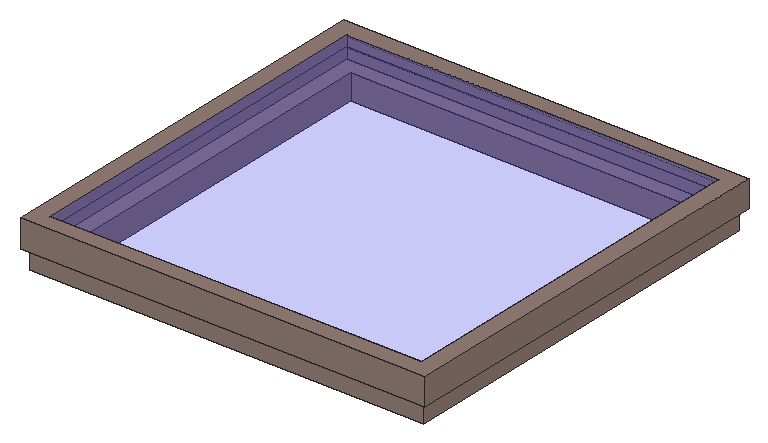
Revit family "9566069e8ed74f5898b5e592b1b32bc1", category Windows, host Roof, Revit 2019
Family settings
  Host = Roof
  OmniClass Number = 23.30.30.00
  OmniClass Title = Skylights
  Always vertical = No
  Cut with Voids When Loaded = No
  Shared = No
  Room Calculation Point = No
Parameters (values of type "36" x 36"")
  Width = 3' - 0"
  Visual Light Transmittance = 0.9
  Thermal Resistance (R) = 0.9899 (h·ft²·°F)/BTU
  Solar Heat Gain Coefficient = 0.86
  Rough Width = Width + 0' 0 1/2"  # 3' - 0 1/2"
  Rough Height = Height + 0' 0 1/2"  # 3' - 0 1/2"
  Height = 3' - 0"
  Heat Transfer Coefficient (U) = 1.0102 BTU/(h·ft²·°F)
  Glass Panel Material = Glass
  Frame Material = Metal - Bronze, Light Brush
  Fire Rating = "0.5h"
  Base Height = 0' - 3 1/4"
  Assembly Code = "B2020100"
  Analytic Construction = "Single-glazed windows - domestic"
Values of the unnamed type that differ from the named types
  Thermal Resistance (R) = 0.17433 m²·K/W
  Heat Transfer Coefficient (U) = 5.7362 W/(m²·K)
Reference planes (in)
  plane 1 "Center (Front/Back)": y = 0
  plane 2 "Roof": z = 144
  plane 3 "Center (Left/Right)": x = 0
  plane 4: x = -18
  plane 5: x = 18
  plane 6: y = 18
  plane 7: y = -18
  plane 8: y = 15.5
  plane 9: y = -15.5
  plane 10: x = -15.5
  plane 11: x = 15.5
  plane 12: x = -18.5
  plane 13: x = 18.5
  plane 14: y = 18.5
  plane 15: y = -18.5
  plane 16: z = 153.25
  plane 17: z = 154.25
  plane 18: y = 17
  plane 19: y = -17
  plane 20: x = -17
  plane 21: x = 17
  plane 22: z = 152.25
Forms (in)
  Sweep 1, solid, material "Metal - Bronze, Light Brush" <- "Frame Material"
    path origin (0, 0, 144) x (1, 0, 0) y (0, 1, 0)
      loop
        line (-18, 18) -> (-18, -18) -> (18, -18) -> (18, 18) -> (-18, 18)
    profile origin (0, 18, 144) x (0, 1, 0) y (0, 0, 1)
      loop
        line (0, 6) -> (0, 9.25) -> (-1, 9.25) -> (-1, 8.25) -> (-2.5, 8.25) -> (-2.5, 6) -> (0, 6)
  Sweep 2, solid, material "Metal - Bronze, Light Brush" <- "Frame Material"
    path origin (0, 0, 144) x (1, 0, 0) y (0, 1, 0)
      loop
        line (-18, 18) -> (-18, -18) -> (18, -18) -> (18, 18) -> (-18, 18)
    profile origin (0, 18, 144) x (0, 1, 0) y (0, 0, 1)
      loop
        line (-1, 9.25) -> (0, 9.25) -> (0, 7.75) -> (0.5, 7.75) -> (0.5, 10.25) -> (-1, 10.25) -> (-1, 9.25)
  Extrusion 3, solid, material "Glass" <- "Glass Panel Material"
    sketch origin (-9, -180, 154.25) x (-1, 0, 0) y (0, -1, 0)
      loop
        line (8, -197) -> (8, -163) -> (-26, -163) -> (-26, -197) -> (8, -197)
    from 0 to -0.21875
Lines and regions (in)
  Opening 1
    outline origin (0, 0, 150) x (0, 1, 0) y (-1, 0, 0)
      loop
        line (15.5, 15.5) -> (-15.5, 15.5) -> (-15.5, -15.5) -> (15.5, -15.5) -> (15.5, 15.5)
Dimensions and locks (in)
  equal spacing: host sketch curve, plane 3 "Center (Left/Right)", host sketch curve
  equal spacing: host sketch curve, plane 1 "Center (Front/Back)", host sketch curve
  equal spacing: plane 6, plane 1 "Center (Front/Back)", plane 7
  equal spacing: plane 4, plane 3 "Center (Left/Right)", plane 5
  "Width": plane 4 to plane 5
  "Height": plane 6 to plane 7
  locked: plane 6 to plane 8 at 2.5
  locked: plane 9 to plane 7 at 2.5
  locked: plane 4 to plane 10 at 2.5
  locked: plane 11 to plane 5 at 2.5
  locked: plane 12 to plane 4 at 0.5
  locked: plane 5 to plane 13 at 0.5
  locked: plane 7 to plane 15 at 0.5
  "Base Height": host roof to plane 16
  locked: plane 17 to plane 16 at 1
  locked: Sweep 2 sketch curve to plane 16 at 1.5
  locked: plane 6 to plane 18 at 1
  locked: plane 19 to plane 7 at 1
  locked: plane 4 to plane 20 at 1
  locked: plane 21 to plane 5 at 1
  locked: plane 22 to plane 16 at 1
  locked: plane 14 to plane 6 at 0.5
  aligned and locked: plane 2 "Roof" to level
  aligned and locked: Opening 1 sketch curve to plane 8
  aligned and locked: plane 10 to Opening 1 sketch curve
  aligned and locked: plane 9 to Opening 1 sketch curve
  aligned and locked: Opening 1 sketch curve to plane 11
  aligned and locked: Sweep 1 sketch curve to plane 6  (x2)
  aligned and locked: plane 4 to Sweep 1 sketch curve
  aligned and locked: plane 7 to Sweep 1 sketch curve
  aligned and locked: Sweep 1 sketch curve to plane 5
  aligned and locked: host roof to Sweep 1 sketch curve
  aligned and locked: plane 16 to Sweep 1 sketch curve
  aligned and locked: Sweep 2 sketch curve to Sweep 1  (x4)
  aligned and locked: plane 17 to Sweep 2 sketch curve
  aligned and locked: plane 14 to Sweep 2 sketch curve
  aligned and locked: Sweep 2 sketch curve to plane 6
  aligned and locked: plane 16 to Sweep 2 sketch curve
  aligned and locked: plane 18 to Sweep 2 sketch curve
  aligned and locked: Extrusion 3 to plane 21
  aligned and locked: plane 8 to Sweep 1 sketch curve
  aligned and locked: Sweep 1 sketch curve to plane 18
  aligned and locked: Sweep 1 sketch curve to plane 22
  aligned and locked: Extrusion 3 sketch curve to plane 19
  aligned and locked: plane 20 to Extrusion 3 sketch curve
  aligned and locked: Extrusion 3 to plane 18
Automatic sketch dimensions
  plane 18 to Extrusion 3 sketch curve = 0' - 0"
  plane 11 to Extrusion 3 sketch curve = 0' - 1 1/2"
